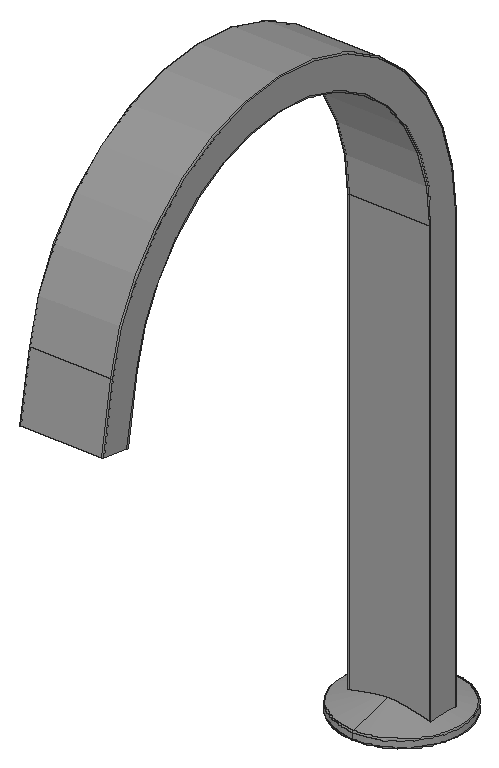
Revit family "Faucet-Deck_Mount-Bath_Spout-KOHLER-COMPONENTS-K-77986T", category Plumbing Fixtures, host Face, Revit 2017
Family settings
  Host = Face
  Round Connector Dimension = Use Diameter
  Part Type = Normal
  OmniClass Number = 23.31.11.00
  OmniClass Title = Faucets
  Cut with Voids When Loaded = No
  Shared = No
  Room Calculation Point = No
Parameters (values of type "Not a Type - See Type Catalog")
  Width = 2.3622"  # constant formula
  WaterSense Certified = 1 = 0  # no
  Waste Water Outlet = "Waste Water Outlet"  # constant formula
  Waste Connection = 1 = 0  # no
  Vent Connection = 1 = 0  # no
  URL = "http://www.kohler.com.cn/en/"
  Type = 0
  Spout Reach = 7.99213"  # constant formula
  Product Page URL = "http://www.kohler.com.cn/product/K-77986T-AF/K-77986T-CP/"
  Product Name = "COMPONENTS"  # constant formula
  Product Documentation Link = "http://files.kohler.com.cn/pdfs/1565148624807_1287329-2-C(77965T%2077966T%2023887T%2077967T%2077968T%2077969T%20%2077990T-4%20%2077990T-8&8MU%20%2077990T-9).pdf"
  Pressure = 0.00 psi
  Model = if(Type = 1, "K-77986T-CP", if(Type = 2, "K-77986T-BN", if(Type = 3, "K-77986T-BL", if(Type = 4, "K-77986T-AF", if(Type = 5, "K-77986T-RGD", if(Type = 6, "K-77986T-TT", if(Type = 7, "K-77986T-2BL", "NA")))))))  # "NA"
  Material = "Premium Metal Construction"  # constant formula
  Master Format 2014 Name = "Residential Faucets, Supplies, and Trim"  # constant formula
  Master Format 2014 = "22 41 39"  # constant formula
  Manufacturer Address = "158 Jiangchang 3rd Road Zhabei District Shanghai, 200436 China "  # constant formula
  Manufacturer = "KOHLER Co."  # constant formula
  Length = Spout Reach  # 7.99213"
  Hot Water Inlet = "Hot Water Inlet"  # constant formula
  Height = 13.11024"  # constant formula
  HW Connection = 1 = 1  # yes
  Flow Rate = 0 GPM
  Finish = Default
  Environmental Product Declaration = ""
  Drain Included = 1 = 0  # no
  Description = "Double-cylinder side bathtub faucet curved spout"  # constant formula
  Default Elevation = 36"
  Declare Label = ""
  Date Modified = "04/24/2020"  # constant formula
  Date Created = "04/24/2020"  # constant formula
  Copyright = "Copyright KOHLER Co."  # constant formula
  Contact Us = "http://www.kohler.com.cn/en/contact/contact-us/"
  Cold Water Inlet = "Cold Water Inlet"  # constant formula
  CW Connection = 1 = 1  # yes
  Assembly Code = "D2010"
  ADA Compliant = 1 = 0  # no
Reference planes (in)
  plane 1 "Center (Front/Back)": y = 0
  plane 2: z = 0
  plane 3 "Center (Left/Right)": x = 0
  plane 4: x = 1.1811
  plane 5: x = -1.1811
  plane 6: y = -7.99213
  plane 7: y = -1.1811
  plane 8: y = 1.1811
  plane 9: z = 8.30709
  plane 10: z = 12.79528
  plane 11: x = 0.80709
  plane 12: x = -0.80709
  plane 13: y = 0.31299
  plane 14: y = -0.31496
  plane 15: y = -8.30469
  plane 16: z = 0.16258
  plane 17: z = 13.11024
Dimensions and locks (in)
  locked: plane 8 to plane 7 at 2.3622
  locked: plane 12 to plane 11 at 1.61417
  "Width": plane 5 to plane 4
  "Spout Reach": plane 1 "Center (Front/Back)" to plane 6
  plane 13 to plane 14 = 0.62795"
  locked: level to plane 9 at 8.30709
  "Length": plane 6 to plane 1 "Center (Front/Back)"
  "Height": level to plane 17
  locked: level to plane 10 at 12.79528
  aligned and locked: plane 2 to host face
  aligned and locked: level to host face
Automatic sketch dimensions
  host sketch curve to host sketch curve = 96"  (x2)
Nested families (in)
  nested 1: "K-77986T" at (0, 0, 0), type "K-77986T"
Connectors (in)
  piping at (-0.5, 0, 0), diameter 0.5, driven by "Flow Rate", driven by "Pressure", driven by "HW Connection", driven by "Hot Water Inlet"
    settings: on nested 1, index 1, connector inside diameter 24", connector length 0", flow factor 0, pipe flow 0 GPM, pressure drop 0.00 psi, fitting loss kfactor 0, connector angle 0.00°, fixture units 0, engagement length 0", angle of deflection 0.00°, flow configuration 1, flow direction 1, fitting loss method 4, system type 19, joint type 0, gender type 0, connector reference index -1, connector utility 1, adjustable connector no, is connector primary yes, connector description "Hot Water Inlet"
  piping at (0.5, 0, 0), diameter 0.5, driven by "Flow Rate", driven by "Pressure", driven by "CW Connection", driven by "Cold Water Inlet"
    settings: on nested 1, index 2, connector inside diameter 24", connector length 0", flow factor 0, pipe flow 0 GPM, pressure drop 0.00 psi, fitting loss kfactor 0, connector angle 0.00°, fixture units 0, engagement length 0", angle of deflection 0.00°, flow configuration 1, flow direction 1, fitting loss method 4, system type 20, joint type 0, gender type 0, connector reference index -1, connector utility 1, adjustable connector no, is connector primary no, connector description "Cold Water Inlet"
Definition of nested family "K-77986T"
  Parameters (values of type "K-77986T")
    Material = none
  Reference planes (in)
    plane 1 "Center (Front/Back)": y = 0
    plane 2: z = 0
    plane 3 "Center (Left/Right)": x = 0
    plane 4: z = 12.79528
    plane 5: y = -7.99213
    plane 6: y = 1.1811
    plane 7: y = -1.1811
    plane 8: x = -0.80709
    plane 9: x = 0.81102
    plane 10: y = 0.31299
    plane 11: y = -0.31496
    plane 12: z = 5.3125
    plane 13: x = -1.1811
    plane 14: x = 1.1811
    plane 15: x = 0.80709
    plane 16: z = 8.30709
    plane 17: y = -8.30469
    plane 18: z = 13.11024
    plane 19: z = 12.48031
  Forms (in)
    Revolve 1, solid, material <- "Material", detail levels medium+fine
      sketch origin (0, 0, 0) x (0, 1, 0) y (0, 0, 1)
        loop
          arc (1.16787, 0) -> (1.18174, 0.00574) -> (1.18748, 0.01961) r 0.01961
          line (1.18748, 0.01961) -> (1.18748, 0.13907)
          arc (1.18748, 0.13907) -> (1.18229, 0.15403) -> (1.16896, 0.16258) r 0.02418
          line (1.16896, 0.16258) -> (0, 0.44384) -> (0, 0) -> (1.16787, 0)
        axis (0, 0.44384) -> (0, 0)
      angle from 0 to 360
    Sweep 2, solid, material <- "Material"
      path origin (0, 0, 0) x (0, 1, 0) y (0, 0, 1)
        loop
          line (-7.99646, 8.2879) -> (-7.77089, 9.56716)
          arc (-7.77089, 9.56716) -> (-3.57395, 12.78758) -> (0, 8.88729) r 3.91518
          line (0, 8.88729) -> (0, 0.20307)
      profile origin (0, 0, 4.54518) x (1, 0, 0) y (0, 1, 0)
        loop
          arc (-0.79134, 0.31299) -> (-0.80526, 0.30723) -> (-0.81102, 0.29331) r 0.01969
          line (-0.81102, 0.29331) -> (-0.81102, -0.29331)
          arc (-0.81102, -0.29331) -> (-0.80526, -0.30723) -> (-0.79134, -0.31299) r 0.01969
          line (-0.79134, -0.31299) -> (0.79134, -0.31299)
          arc (0.79134, -0.31299) -> (0.80526, -0.30723) -> (0.81102, -0.29331) r 0.01969
          line (0.81102, -0.29331) -> (0.81102, 0.29331)
          arc (0.81102, 0.29331) -> (0.80526, 0.30723) -> (0.79134, 0.31299) r 0.01969
          line (0.79134, 0.31299) -> (-0.79134, 0.31299)
    Extrusion 3, solid, material <- "Material", detail levels coarse
      sketch origin (0, 0, 0) x (1, 0, 0) y (0, 1, 0)
        loop
          circle (0, 0) r 1.1875
      from 0 to 0.37287
    Extrusion 4, solid, material <- "Material", detail levels medium+fine
      sketch origin (0, 0, 0) x (1, 0, 0) y (0, 1, 0)
        loop
          circle (-0.5, 0) r 0.14565
        loop
          circle (0.5, 0) r 0.14565
      from 0 to 0.07813
  Lines and regions (in)
    Masking region 1
      outline origin (0, 0, 0) x (0, 1, 0) y (0, 0, 1)
        loop
          arc (1.16149, 0) -> (1.17536, 0.00574) -> (1.1811, 0.01961) r 0.01961
          line (1.1811, 0.01961) -> (1.1811, 0.1406)
          arc (1.1811, 0.1406) -> (1.17591, 0.15557) -> (1.16258, 0.16411) r 0.02418
          line (1.16258, 0.16411) -> (0.31299, 0.36853) -> (0.31299, 8.90962)
          arc (0.31299, 8.90962) -> (-3.52492, 13.09797) -> (-8.03182, 9.6397) r 4.20434
          line (-8.03182, 9.6397) -> (-8.25894, 8.35164) -> (-7.64247, 8.24294) -> (-7.4164, 9.52503)
          arc (-7.4164, 9.52503) -> (-3.58102, 12.46802) -> (-0.31496, 8.90374) r 3.5779
          line (-0.31496, 8.90374) -> (-0.31496, 0.36806) -> (-1.16258, 0.16411)
          arc (-1.16258, 0.16411) -> (-1.17591, 0.15557) -> (-1.1811, 0.1406) r 0.02418
          line (-1.1811, 0.1406) -> (-1.1811, 0.01961)
          arc (-1.1811, 0.01961) -> (-1.17536, 0.00574) -> (-1.16149, 0) r 0.01961
          line (-1.16149, 0) -> (1.16149, 0)
    Masking region 2
      outline origin (0, 0, 0) x (1, 0, 0) y (0, 0, 1)
        loop
          line (-1.16149, 0) -> (0, 0) -> (1.16149, 0)
          arc (1.16149, 0) -> (1.17536, 0.00574) -> (1.1811, 0.01961) r 0.01961
          line (1.1811, 0.01961) -> (1.1811, 0.1406)
          arc (1.1811, 0.1406) -> (1.17591, 0.15557) -> (1.16258, 0.16411) r 0.02418
          line (1.16258, 0.16411) -> (0.80709, 0.24965) -> (0.80709, 13.08519)
          arc (0.80709, 13.08519) -> (0.79975, 13.1029) -> (0.78204, 13.11024) r 0.02505
          line (0.78204, 13.11024) -> (-0.78365, 13.11024)
          arc (-0.78365, 13.11024) -> (-0.80022, 13.10337) -> (-0.80709, 13.0868) r 0.02344
          line (-0.80709, 13.0868) -> (-0.80709, 0.24965) -> (-1.16258, 0.16411)
          arc (-1.16258, 0.16411) -> (-1.17591, 0.15557) -> (-1.1811, 0.1406) r 0.02418
          line (-1.1811, 0.1406) -> (-1.1811, 0.01961)
          arc (-1.1811, 0.01961) -> (-1.17536, 0.00574) -> (-1.16149, 0) r 0.01961
    Masking region 3
      outline origin (0, 0, 0) x (1, 0, 0) y (0, 1, 0)
        loop
          spline (0.7874, -8.30469) -> (0.78997, -8.30453) -> (0.7925, -8.30403) -> (0.79493, -8.30322) -> (0.79724, -8.3021) -> (0.79939, -8.30069) -> (0.80132, -8.29901) -> (0.80302, -8.29711) -> (0.80445, -8.295) -> (0.80559, -8.29273) -> (0.80642, -8.29032) -> (0.80692, -8.28784) -> (0.80709, -8.28531)
          line (0.80709, -8.28531) -> (0.80709, -0.86233)
          arc (0.80709, -0.86233) -> (0, 1.1811) -> (-0.80709, -0.86233) r 1.1811
          line (-0.80709, -0.86233) -> (-0.80709, -8.28531)
          spline (-0.80709, -8.28531) -> (-0.80692, -8.28784) -> (-0.80642, -8.29032) -> (-0.80559, -8.29273) -> (-0.80445, -8.295) -> (-0.80302, -8.29711) -> (-0.80132, -8.29901) -> (-0.79939, -8.30069) -> (-0.79724, -8.3021) -> (-0.79493, -8.30322) -> (-0.7925, -8.30403) -> (-0.78997, -8.30453) -> (-0.7874, -8.30469)
          line (-0.7874, -8.30469) -> (0.7874, -8.30469)
    symbolic lines, detail levels medium+fine
      curve 1: line (0, 1.16701, 0.16258) -> (0, -1.16701, 0.16258)
      curve 2: line (0, -0.31299, 0.20307) -> (0, 0.31299, 0.20307)
      curve 3: line (0, 0.31299, 0.36853) -> (0, 0.31299, 0.20307)
      curve 4: line (0, -0.31299, 0.36853) -> (0, -0.31299, 0.20307)
      curve 5: line (-0.1842, 0, 0.39952) -> (-0.81102, 0, 0.2487)
      curve 6: line (0.1842, 0, 0.39952) -> (0.81102, 0, 0.2487)
      curve 7: line (-1.16701, 0, 0.16258) -> (1.16701, 0, 0.16258)
      curve 8: line (0.80709, 0, 8.34225) -> (-0.80709, 0, 8.34225)
      curve 9: line (-0.80709, 0, 8.23355) -> (0.80709, 0, 8.23355)
      curve 10: line (0.7874, 0.31299, 0) -> (-0.7874, 0.31299, 0)
      curve 11: arc (-0.7874, 0.31299, 0) -> (-0.80132, 0.30723, 0) -> (-0.80709, 0.29331, 0) r 0.01969
      curve 12: arc (0.80709, 0.29331, 0) -> (0.80132, 0.30723, 0) -> (0.7874, 0.31299, 0) r 0.01969
      curve 13: line (-0.80709, 0.29331, 0) -> (-0.80709, -0.86741, 0)
      curve 14: line (0.80709, 0.29331, 0) -> (0.80709, -0.86741, 0)
      curve 15: arc (-0.1842, 0, 0.39952) -> (0, 0, 0.42137) -> (0.1842, 0, 0.39952) r 0.7874
  Dimensions and locks (in)
    plane 4 to plane 2 = 12.79528"
    plane 1 "Center (Front/Back)" to plane 5 = 7.99213"
    plane 10 to plane 11 = 0.62795"
    level to plane 12 = 5 5/16"
    aligned and locked: plane 2 to level
Types in the file's own list only (7): name | Width | Type | Spout Reach | Product Page URL | Model | Manufacturer Address | Length | Height | Finish
  CP-Polished Chrome | 2 3/8" | 1 | 8" | "http://www.kohler.com.cn/product/K-77986T-AF/K-77986T-CP/" | "K-77986T-CP" | "158 Jiangchang 3rd Road Zhabei District Shanghai, 200436 China" | 8" | 13 1/8" | Kohler-Metal-CP-Polished_Chrome
  BN-Roman silver | 2 3/8" | 2 | 8" | "http://www.kohler.com.cn/product/K-77986T-AF/K-77986T-BN/" | "K-77986T-BN" | "158 Jiangchang 3rd Road Zhabei District Shanghai, 200436 China" | 8" | 13 1/8" | Kohler-Metal-BN-Roman_Silver
  BL-Matte Black | 2 3/8" | 3 | 8" | "http://www.kohler.com.cn/product/K-77986T-BL/K-77986T-BL/" | "K-77986T-BL" | "158 Jiangchang 3rd Road Zhabei District Shanghai, 200436 China" | 8" | 13 1/8" | Kohler-Metal-BL-Matte_Black
  AF- Flange Gold | 2 3/8" | 4 | 8" | "http://www.kohler.com.cn/product/K-77986T-AF/K-77986T-AF/" | "K-77986T-AF" | "158 Jiangchang 3rd Road Zhabei District Shanghai, 200436 China" | 8" | 13 1/8" | Kohler-Metal-AF-Flange_Gold
  RGD-Rose Gold | 2 3/8" | 5 | 8" | "http://www.kohler.com.cn/product/K-77986T-AF/K-77986T-RGD/" | "K-77986T-RGD" | "158 Jiangchang 3rd Road Zhabei District Shanghai, 200436 China" | 8" | 13 1/8" | Kohler-Metal-RGD-Rose_Gold
  TT-Titanium Silver | 2 3/8" | 6 | 8" | "http://www.kohler.com.cn/product/K-77986T-AF/K-77986T-TT/" | "K-77986T-TT" | "158 Jiangchang 3rd Road Zhabei District Shanghai, 200436 China" | 8" | 13 1/8" | Kohler-Metal-TT-Titanium_Silver
  2BL-Original Black | 2 3/8" | 7 | 8" | "http://www.kohler.com.cn/product/K-77986T-AF/K-77986T-2BL/" | "K-77986T-2BL" | "158 Jiangchang 3rd Road Zhabei District Shanghai, 200436 China" | 8" | 13 1/8" | Kohler-Metal-2BL-Original_Black
